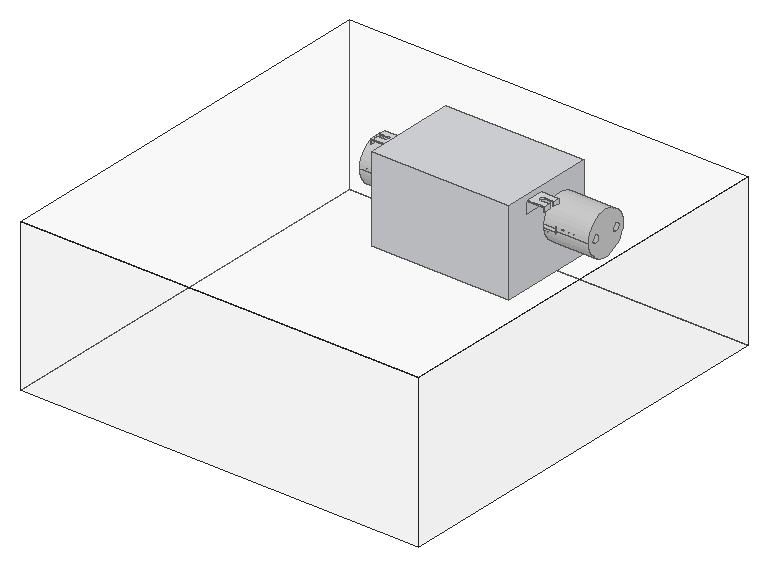
Revit family "cmr-mp100kt_50Hz", category 機械設備, Revit 2019
Family settings
  丸型コネクタ寸法 = 直径を使用
  パーツ タイプ = 標準
  OmniClass 番号 = 23.75.10.24.21.27.27
  OmniClass タイトル = Split System Air Conditioning Units
  作業面ベース = いいえ
  常に垂直 = はい
  ロード時にボイドで切り取り = いいえ
  共有 = いいえ
  部屋計算ポイント = はい
Parameters (values of type "CMR-MP100KT")
  音響パワーレベル(dB) = 0
  電圧_電気ヒーター = 0 V
  電動機出力_送風機 = 0 W
  運転質量 = 0.00 kg
  連動 = ""
  Description = ""
  設計暖房能力 [instance] = 0 W
  設計冷房能力_顕熱 [instance] = 0 W
  設計冷房能力 [instance] = 0 W
  設置方法 = "天井吊(隠ぺい)形"
  製造元 = "三菱電機株式会社"
  製品質量 = 5.00 kg
  製品出荷対象 = "国内"
  製品リリース年月 = "2024/9/30"
  製品グループ = ""
  系統 [instance] = ""
  相_電気ヒーター = 1
  盤記号 [instance] = ""
  特殊仕様 [instance] = ""
  火災停止 = ""
  消費電力_電気ヒーター = 0 W
  消費電力_暖房 = 1 W
  消費電力_加湿器 = 0 W
  消費電力_冷房 = 1 W
  消費電力 = if(消費電力_冷房 > 消費電力_暖房, 消費電力_冷房, 消費電力_暖房) + 消費電力_加湿器 + 消費電力_電気ヒーター  # 1 W
  法定耐用年数 = "15"
  極数 = 1
  材質 [instance] = ""
  最小電線太さ_mm2 = 2
  推奨ブレーカー容量 = 15 A
  形式_加湿器 = ""
  形式 = "天井吊（隠ぺい）形"
  幹線記号 [instance] = ""
  呼称 = "パッケージ形空気調和機_遮断弁キット"
  台数_手元リモコン [instance] = ""
  台数_冷媒分岐ユニット [instance] = ""
  参照している仕様書等のバージョン = "公共建築工事標準仕様書（機械設備工事編）平成31年度版"
  加湿給水管径 = 0 mm
  分類コード = "50053003390000"
  分類グループ = ""
  冷媒高低圧ガス管径 = 0 mm
  価格 = 0
  企業コード = "108420"
  付属品_フィルター = ""
  付属品 [instance] = ""
  仕様書バージョン = "Version1.0"
  モデル = "CMR-MP100KT"
  サービススペース = yes
  コメント [instance] = ""
  Keynote = ""
  Width = 324.00 mm
  Version = ""
  Uniclass2015Version = "Systems v1.9"
  Uniclass2015Title = "Split coil remote air cooled condensing units"
  Uniclass2015Code = "Pr_70_65_03_84"
  URL = "https://www.mitsubishielectric.co.jp/ldg/wink/ssl/displayProduct.do?pid=335460"
  SpecificationReference = ""
  SpecificationDescription = ""
  電源種別 = ""
  電圧 = 200 V
  質量 = if(製品質量 > 運転質量, 製品質量, 運転質量) * 1.2  # 6.00 kg
  負荷分類 = 10_ファンコイル類
  記号 [instance] = ""
  符号 = "PAC"
  積算_科目 = "1 空気調和設備"
  積算_拾い区分 [instance] = ""
  相 = 1
  発停方法 = ""
  点検口 = yes
  本体マテリアル = none
  有効加湿量 = 0
  始動方式 = "直入"
  周波数 = 50 Hz
  冷媒管径符号 = "Dd"
  冷媒管径 = 100 mm
  冷媒液管径 = 15.9 mm
  冷媒ガス管径 = 15.9 mm
  ドレン管径 = 0 mm
  ダクト径 = 0 mm
  Revision = ""
  ProductInformation = ""
  OmniClassCode = "23-33 17 13 11"
  IfcTypeProduct = ""
  IfcProduct = ""
  IfcExportType = "AIRCONDITIONINGUNIT"
  IfcExportAs = "IfcUnitaryEquipmentType"
  Height = 198.00 mm
  Depth = 220.00 mm
  Author = "三菱電機株式会社"
Reference planes
  plane 1 "中心(正面/背面)": y = 0
  plane 2: z = 0
  plane 3 "中心(左/右)": x = 0
  plane 4: y = -38
  plane 5: x = -185
  plane 6: x = 185
  plane 7: x = -470
  plane 8: x = 470
  plane 9: y = -310
  plane 10: y = -760
  plane 11: y = 210
  plane 12: x = -225
  plane 13: x = 225
  plane 14: z = 30
  plane 15: z = -328
Forms (mm)
  Extrusion 1, solid
    sketch origin (-270, 10, -109.06) x (0, 1, 0) y (0, 0, -1)
      loop
        circle (30, 7.94) r 50
    from 0 to -108
  Extrusion 2, solid
    sketch origin (270, 10, -77.06) x (0, -1, 0) y (0, 0, -1)
      loop
        circle (-30, 7.94) r 50
    from 0 to -108
Dimensions and locks
  aligned and locked: level to plane 2
  aligned and locked: plane 1 "中心(正面/背面)" to nested 1
  aligned and locked: plane 3 "中心(左/右)" to nested 1
  aligned and locked: nested 2 to plane 6
  aligned and locked: nested 2 to plane 4
  aligned and locked: nested 2 to plane 5
  aligned and locked: plane 14 to nested 3
  aligned and locked: nested 3 to plane 10
  aligned and locked: nested 3 to plane 8
  aligned and locked: nested 3 to plane 7
  aligned and locked: plane 11 to nested 3
  aligned and locked: plane 9 to nested 4
  aligned and locked: plane 10 to nested 4
  aligned and locked: plane 12 to nested 4
  aligned and locked: plane 13 to nested 4
  aligned and locked: plane 15 to nested 3
Nested families
  nested 1: "cmr-mp100kt" at (0, 0, 0), type "cmr-mp100kt", detail levels fine
  nested 2: "固定点" at (-185, -38, 0), type "固定点"
    with W 370.00 mm, D 1240.00 mm
  nested 3: "サービススペース" at (0, -275, -149), visible <- "サービススペース", type "サービススペース"
    with Width 940.00 mm, Height 358.00 mm, Depth 970.00 mm
  nested 4: "点検口設置範囲" at (0, -535, -308), visible <- "点検口", type "点検口設置範囲"
    with Width 450.00 mm, Depth 450.00 mm
Connectors
  electrical at (0, -110, -99), driven by "極数", driven by "負荷分類", driven by "電圧", driven by "消費電力"
    settings: on nested 1, index 1, voltage 200 V, apparent load 1 VA, apparent load phase1 0 VA, apparent load phase2 0 VA, apparent load phase3 0 VA, power factor 1, load classification "10_ファンコイル類", number of poles 1, system type 30, power factor state 1, is connector primary yes, connector utility no, sub classification motor no, connector description ""
  piping at (-270, 40, -117), diameter 100, driven by "冷媒管径符号", driven by "冷媒管径"
    settings: on Extrusion 1, index 2, connector inside diameter 609.6 mm, connector length 0.00 mm, flow factor 0, pipe flow 0.0 L/s, pressure drop 0.0 Pa, fitting loss kfactor 0, connector angle 0.00°, fixture units 0, engagement length 0.00 mm, angle of deflection 0.00°, flow configuration 1, flow direction 1, fitting loss method 4, system type 7, joint type 0, gender type 0, connector reference index -1, connector utility 0, adjustable connector no, is connector primary yes, connector description "Dd"
  piping at (270, 40, -85), diameter 100, driven by "冷媒管径符号", driven by "冷媒管径"
    settings: on Extrusion 2, index 3, connector inside diameter 609.6 mm, connector length 0.00 mm, flow factor 0, pipe flow 0.0 L/s, pressure drop 0.0 Pa, fitting loss kfactor 0, connector angle 0.00°, fixture units 0, engagement length 0.00 mm, angle of deflection 0.00°, flow configuration 1, flow direction 1, fitting loss method 4, system type 7, joint type 0, gender type 0, connector reference index -1, connector utility 0, adjustable connector no, is connector primary no, connector description "Dd"
Definition of nested family "cmr-mp100kt"
  Parameters (values of type "cmr-mp100kt")
    表示_ [instance] = yes
  Reference planes
    plane 1 "中心(正面/背面)": y = 0
    plane 2: z = 0
    plane 3 "中心(左/右)": x = 0
    plane 4: z = -198
    plane 5: y = 10
    plane 6: y = 70
    plane 7: z = -117
    plane 8: z = -85
    plane 9: x = -162
    plane 10: x = 162
    plane 11: y = -38
    plane 12: x = -185
    plane 13: x = 185
  Forms (mm)
    Extrusion 1, solid
      sketch origin (0, 0, 0) x (1, 0, 0) y (0, 1, 0)
        loop
          line (-162, -110) -> (162, -110) -> (162, 110) -> (-162, 110) -> (-162, -110)
      from 0 to -198
    Extrusion 2, solid, detail levels fine
      sketch origin (-162, -1524, 2214.315) x (0, 0, 1) y (0, -1, 0)
        loop
          circle (-2331.315, -1534) r 7.94
        loop
          circle (-2331.315, -1594) r 7.94
      from -108 to -30
    Extrusion 3, solid, detail levels fine
      sketch origin (-162, -1524, 2214.315) x (0, 0, 1) y (0, -1, 0)
        loop
          circle (-2331.315, -1594) r 20
        loop
          circle (-2331.315, -1534) r 20
      from -30 to 0
    Extrusion 4, solid, detail levels fine
      sketch origin (162, -1524, 2214.315) x (0, 0, 1) y (0, -1, 0)
        loop
          circle (-2299.315, -1534) r 20
        loop
          circle (-2299.315, -1594) r 20
      from 30 to 0
    Extrusion 5, solid, detail levels fine
      sketch origin (162, -1524, 2214.315) x (0, 0, 1) y (0, -1, 0)
        loop
          circle (-2299.315, -1534) r 7.94
        loop
          circle (-2299.315, -1594) r 7.94
      from 108 to 30
    Extrusion 6, solid, detail levels fine
      sketch origin (0, 0, 0) x (1, 0, 0) y (0, 1, 0)
        loop
          line (-162, 110) -> (-162, -110) -> (162, -110) -> (162, 110) -> (-162, 110)
      from 0 to -198
  Lines and regions (mm)
    model lines, not visible
      curve 1: line (460, 198.677, 1289.179) -> (460, 277.719, 1289.179)
      curve 2: line (460, 178.667, 1076.066) -> (460, 178.667, 1269.168)
      curve 3: line (460, 297.73, 1269.168) -> (460, 297.73, 1076.066)
      curve 4: line (460, 277.719, 1056.056) -> (460, 198.677, 1056.056)
      curve 5: arc (460, 178.667, 1269.168) -> (460, 184.528, 1283.318) -> (460, 198.677, 1289.179) r 20.011
      curve 6: arc (460, 277.719, 1289.179) -> (460, 291.869, 1283.318) -> (460, 297.73, 1269.168) r 20.011
      curve 7: arc (460, 198.677, 1056.056) -> (460, 184.528, 1061.917) -> (460, 178.667, 1076.066) r 20.011
      curve 8: arc (460, 277.719, 1056.056) -> (460, 291.869, 1061.917) -> (460, 297.73, 1076.066) r 20.011
  Dimensions and locks
    Extrusion 1 to Extrusion 1 = 220.00 mm
    Extrusion 1 to Extrusion 1 = 324.00 mm
    equal spacing: Extrusion 1, plane 3 "中心(左/右)", Extrusion 1
    equal spacing: Extrusion 1, plane 1 "中心(正面/背面)", Extrusion 1
    nested 1 to nested 2 = 370.00 mm
    Extrusion 1 to nested 2 = 72.00 mm
    aligned and locked: level to plane 2
    aligned and locked: plane 4 to Extrusion 1
    aligned and locked: plane 6 to Extrusion 2 sketch curve
    aligned and locked: plane 7 to Extrusion 2 sketch curve  (x2)
    aligned and locked: plane 5 to Extrusion 2 sketch curve
    aligned and locked: Extrusion 6 sketch curve to Extrusion 1  (x4)
    aligned and locked: Extrusion 6 to Extrusion 1  (x2)
  Automatic sketch dimensions
    plane 3 "中心(左/右)" to Extrusion 1 sketch curve = 162.00 mm
    Extrusion 1 sketch curve to plane 1 "中心(正面/背面)" = 110.00 mm
    Extrusion 1 sketch curve to plane 3 "中心(左/右)" = 162.00 mm
    plane 1 "中心(正面/背面)" to Extrusion 1 sketch curve = 110.00 mm
    Extrusion 3 sketch curve to plane 5 = 0.00 mm
    Extrusion 3 sketch curve to plane 7 = 0.00 mm  (x2)
    Extrusion 3 sketch curve to plane 6 = 0.00 mm
    Extrusion 4 sketch curve to plane 6 = 0.00 mm
    Extrusion 4 sketch curve to plane 8 = 0.00 mm  (x2)
    Extrusion 4 sketch curve to plane 5 = 0.00 mm
    Extrusion 5 sketch curve to plane 6 = 0.00 mm
    Extrusion 5 sketch curve to plane 8 = 0.00 mm  (x2)
    Extrusion 5 sketch curve to plane 5 = 0.00 mm
    radius of Extrusion 2 sketch curve = 7.94 mm  (x2)
    radius of Extrusion 3 sketch curve = 20.00 mm  (x2)
    radius of Extrusion 4 sketch curve = 20.00 mm  (x2)
    radius of Extrusion 5 sketch curve = 7.94 mm  (x2)
  Nested families
    nested 1: "attachment" at (-185, -38, -10), type "attachment", detail levels fine
    nested 2: "attachment" at (185, -38, -10) x (-1, 0, 0) z (0, 0, 1), type "attachment", detail levels fine
  Definition of nested family "attachment"
    Reference planes
      plane 1 "中心(正面/背面)": y = 0
      plane 2: z = 0
      plane 3 "中心(左/右)": x = 0
      plane 4: z = -30
      plane 5: x = -162
      plane 6: x = 162
      plane 7: z = -10
      plane 8: x = -18
      plane 9: z = -2
      plane 10: x = 23
    Forms (mm)
      Extrusion 1, solid
        sketch origin (2.5, 0, 0) x (1, 0, 0) y (0, 1, 0)
          loop
            line (-22.5, -20) -> (22.5, -20) -> (22.5, 20) -> (-22.5, 20) -> (-22.5, -20)
        from 0 to -30
      Extrusion 2, void
        sketch origin (0, 0, 0) x (1, 0, 0) y (0, 1, 0)
          loop
            arc (0, -6) -> (6, 0) -> (0, 6) r 6
            line (0, 6) -> (-20, 6) -> (-20, -6) -> (0, -6)
        from -30 to 0
      Extrusion 3, void
        sketch origin (0, 0, 0) x (-1, 0, 0) y (0, 0, 1)
          loop
            line (20, -10) -> (18, -10) -> (18, -30) -> (20, -30) -> (20, -10)
        from -20 to 20
      Extrusion 4, void
        sketch origin (0, 0, 0) x (-1, 0, 0) y (0, 0, 1)
          loop
            line (18, -2) -> (-23, -2) -> (-23, -30) -> (18, -30) -> (18, -2)
        from -20 to 20
    Cuts and joins
      Extrusion 2, Extrusion 3, Extrusion 4 cuts Extrusion 1
    Lines and regions (mm)
      model lines, not visible
        curve 1: line (460, 198.677, 1289.179) -> (460, 277.719, 1289.179)
        curve 2: line (460, 178.667, 1076.066) -> (460, 178.667, 1269.168)
        curve 3: line (460, 297.73, 1269.168) -> (460, 297.73, 1076.066)
        curve 4: line (460, 277.719, 1056.056) -> (460, 198.677, 1056.056)
        curve 5: arc (460, 178.667, 1269.168) -> (460, 184.528, 1283.318) -> (460, 198.677, 1289.179) r 20.011
        curve 6: arc (460, 277.719, 1289.179) -> (460, 291.869, 1283.318) -> (460, 297.73, 1269.168) r 20.011
        curve 7: arc (460, 198.677, 1056.056) -> (460, 184.528, 1061.917) -> (460, 178.667, 1076.066) r 20.011
        curve 8: arc (460, 277.719, 1056.056) -> (460, 291.869, 1061.917) -> (460, 297.73, 1076.066) r 20.011
    Dimensions and locks
      Extrusion 1 to Extrusion 1 = 40.00 mm
      Extrusion 1 to Extrusion 1 = 45.00 mm
      equal spacing: Extrusion 1, plane 1 "中心(正面/背面)", Extrusion 1
      aligned and locked: level to plane 2
      aligned and locked: plane 4 to Extrusion 1
    Automatic sketch dimensions
      plane 3 "中心(左/右)" to Extrusion 1 sketch curve = 25.00 mm
      Extrusion 1 sketch curve to plane 1 "中心(正面/背面)" = 20.00 mm
      Extrusion 1 sketch curve to plane 3 "中心(左/右)" = 20.00 mm
      plane 1 "中心(正面/背面)" to Extrusion 1 sketch curve = 20.00 mm
      plane 1 "中心(正面/背面)" to Extrusion 2 sketch curve = 6.00 mm
      Extrusion 2 sketch curve to plane 3 "中心(左/右)" = 20.00 mm
      plane 1 "中心(正面/背面)" to Extrusion 2 sketch curve = 0.00 mm
      Extrusion 2 sketch curve to plane 3 "中心(左/右)" = 0.00 mm
      Extrusion 3 sketch curve to plane 7 = 0.00 mm
      Extrusion 3 sketch curve to plane 8 = 0.00 mm
      Extrusion 3 sketch curve to plane 4 = 0.00 mm
      Extrusion 3 sketch curve to plane 8 = 2.00 mm
      Extrusion 4 sketch curve to plane 9 = 0.00 mm
      plane 10 to Extrusion 4 sketch curve = 0.00 mm
      Extrusion 4 sketch curve to plane 4 = 0.00 mm
      Extrusion 4 sketch curve to plane 8 = 0.00 mm
Definition of nested family "サービススペース"
  Parameters (values of type "サービススペース")
    Width [instance] = 500.00 mm
    Height [instance] = 500.00 mm
    Depth [instance] = 500.00 mm
  Reference planes
    plane 1 "中心(正面/背面)": y = 0
    plane 2: z = 0
    plane 3 "中心(左/右)": x = 0
    plane 4: y = -250
    plane 5: x = 250
    plane 6: y = 250
    plane 7: x = -250
    plane 8: z = 250
    plane 9: z = -250
  Forms (mm)
    Extrusion 1, solid
      sketch origin (-638.939, 0, 72.39) x (1, 0, 0) y (0, 1, 0)
        loop
          line (388.939, 250) -> (388.939, -250) -> (888.939, -250) -> (888.939, 250) -> (388.939, 250)
      from -322.39 to 177.61
  Lines and regions (mm)
    symbolic lines
      curve 1: line (-250, 0, 250) -> (250, 0, 250)
      curve 2: line (-250, 0, -250) -> (-250, 0, 250)
      curve 3: line (250, 0, -250) -> (-250, 0, -250)
      curve 4: line (250, 0, 250) -> (250, 0, -250)
      curve 5: line (0, -250, 250) -> (0, 250, 250)
      curve 6: line (0, -250, -250) -> (0, -250, 250)
      curve 7: line (0, 250, -250) -> (0, -250, -250)
      curve 8: line (0, 250, 250) -> (0, 250, -250)
      curve 9: line (-250, 250, 0) -> (250, 250, 0)
      curve 10: line (-250, -250, 0) -> (-250, 250, 0)
      curve 11: line (250, -250, 0) -> (-250, -250, 0)
      curve 12: line (250, 250, 0) -> (250, -250, 0)
  Dimensions and locks
    equal spacing: plane 7, plane 3 "中心(左/右)", plane 5
    equal spacing: plane 4, plane 1 "中心(正面/背面)", plane 6
    "Depth": plane 4 to plane 6
    "Width": plane 7 to plane 5
    equal spacing: plane 8, plane 2, plane 9
    "Height": plane 8 to plane 9
    aligned and locked: plane 9 to curve 3
    aligned and locked: plane 7 to curve 2
    aligned and locked: curve 4 to plane 5
    aligned and locked: plane 5 to Extrusion 1
    aligned and locked: Extrusion 1 to plane 7
    aligned and locked: Extrusion 1 to plane 9
    aligned and locked: plane 8 to Extrusion 1
    aligned and locked: plane 9 to curve 7
  Automatic sketch dimensions
    plane 4 to Extrusion 1 sketch curve = 0.00 mm
    Extrusion 1 sketch curve to plane 7 = 0.00 mm
    Extrusion 1 sketch curve to plane 5 = 0.00 mm
    plane 6 to Extrusion 1 sketch curve = 0.00 mm
    curve 2 to plane 8 = 0.00 mm
    plane 4 to curve 11 = 0.00 mm
    curve 11 to plane 7 = 0.00 mm
    curve 11 to plane 5 = 0.00 mm
    plane 6 to curve 10 = 0.00 mm
    curve 7 to plane 4 = 0.00 mm
    curve 7 to plane 6 = 0.00 mm
    curve 6 to plane 8 = 0.00 mm
Definition of nested family "固定点"
  Parameters (values of type "固定点")
    中心円 = 20.00 mm
    W [instance] = 1000.00 mm
    D [instance] = 1000.00 mm
  Reference planes
    plane 1 "中心(正面/背面)": y = 0
    plane 2: z = 0
    plane 3 "中心(左/右)": x = 0
    plane 4: x = 1000
  Lines and regions (mm)
    symbolic lines, detail levels fine
      curve 1: circle (0, 0, 0) r 10 normal (0, 0, 1)
      curve 2: circle (1000, 0, 0) r 10 normal (0, 0, 1)
      curve 3: line (-200, 0, 0) -> (1200, 0, 0)
  Dimensions and locks
    "W": plane 3 "中心(左/右)" to plane 4
    "中心円": diameter of curve 1
    "中心円": diameter of curve 2
    aligned and locked: level to plane 2
    aligned and locked: plane 3 "中心(左/右)" to curve 1
    aligned and locked: plane 1 "中心(正面/背面)" to curve 1
    aligned and locked: plane 1 "中心(正面/背面)" to curve 2
    aligned and locked: plane 4 to curve 2
    aligned and locked: plane 1 "中心(正面/背面)" to curve 3
  Automatic sketch dimensions
    curve 3 to plane 3 "中心(左/右)" = 200.00 mm
    curve 2 to curve 3 = 200.00 mm
Definition of nested family "点検口設置範囲"
  Parameters (values of type "点検口設置範囲")
    Width [instance] = 1000.00 mm
    Depth [instance] = 700.00 mm
  Reference planes
    plane 1 "中心(正面/背面)": y = 0
    plane 2: z = 0
    plane 3 "中心(左/右)": x = 0
    plane 4: x = -500
    plane 5: x = 500
    plane 6: y = -350
    plane 7: y = 350
  Lines and regions (mm)
    model lines
      curve 1: line (-500, 350, 0) -> (500, 350, 0)
      curve 2: line (-500, -350, 0) -> (-500, 350, 0)
      curve 3: line (500, -350, 0) -> (-500, -350, 0)
      curve 4: line (500, 350, 0) -> (500, -350, 0)
  Dimensions and locks
    "Depth": plane 7 to plane 6
    "Width": plane 4 to plane 5
    equal spacing: plane 7, plane 1 "中心(正面/背面)", plane 6
    equal spacing: plane 4, plane 3 "中心(左/右)", plane 5
    aligned and locked: level to plane 2
    aligned and locked: plane 4 to curve 2
    aligned and locked: curve 1 to plane 7
    aligned and locked: curve 4 to plane 5
    aligned and locked: plane 6 to curve 3
